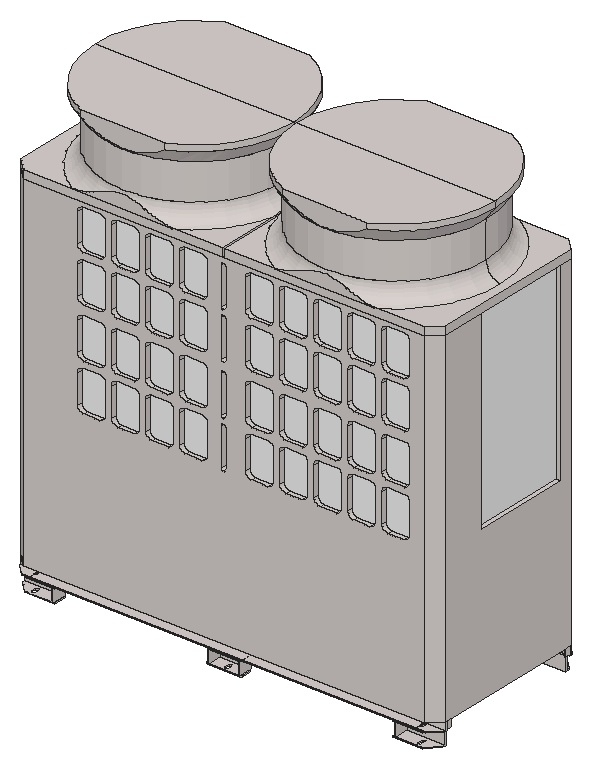
Revit family "PURY-EP500YNW-A1", category 機械設備, Revit 2016
Family settings
  パーツ タイプ = 標準
  丸型コネクタ寸法 = 半径を使用
  OmniClass 番号 = 23.75.00.00
  OmniClass タイトル = Climate Control (HVAC)
  作業面に基づく = いいえ
  常に垂直 = はい
  ロード時にボイドで切り取り = いいえ
  共有 = いいえ
  部屋の計算ポイント = いいえ
Parameters (values of type "PURY-EP500YNW-A1_415V_60Hz")
  モデル = "PURY-EP500YNW-A1"
  Width = 1750.000 mm
  WarrantyStart = ""
  Voltage = 415 V
  Unit Weight (kg) = 346
  URL = "http://www.mitsubishielectric.com/"
  製造元 = "Mitsubishi Electric Corporation"
  Temp. range of heating (Outdoor temp.) (W.B.) = "-20.0 to 15.5"
  Temp. range of heating (Indoor temp.) (D.B.) = "15.0 to 27.0"
  Temp. range of cooling (Outdoor temp.) (D.B.) = "-5.0 to 52.0"
  Temp. range of cooling (Indoor temp.) (W.B.) = "15.0 to 24.0"
  TagNumber = 0
  Subcategory = "HVAC"
  Space View = yes
  Sound Pressure Level (dB(A)) Heating mode = 64.5
  Sound Pressure Level (dB(A)) Cooling mode = 63.5
  SerialNumber = 0
  ReplacementYear = "0"
  Refrigerant type = "R410A"
  Refrigerant Charge (kg) = 10.8
  Protection Devices_Inverter circuit (COMP./FAN) = "Over-current protection"
  Protection Devices_High pressure (MPa) = "High pressure sensor, High pressure switch at 4.15"
  Phase = 3
  Outdoor unit Breaker size (A) = 60
  Note_1 = "Refrigerant pipe diameters may change depending on the installation condition. Please refer to the installation manual."
  Maximum Circuit Ampacity (A) = 40.3
  Low pressure pipe_radius = 14.290 mm
  InstallationDate = "0"
  Indoor Unit Total Capacity = "50 to 150% of outdoor unit capacity"
  Indoor Unit Model/Quantity = "P10 to P250/1 to 50"
  High pressure pipe_radius = 11.100 mm
  Hertz = 60 Hz
  Height = 1858.000 mm
  Heating SCOP (kW/kW) = 4.09
  Heating Rated Load Ampacity (A) = 26.8
  Heating Power Input (kW) = 17.35
  Heating Power Input (Nominal) (kW) = 14.35
  Heating Current Input (Nominal) (A) = 22.1
  Heating Current Input (A) = 26.8
  Heating Capacity (kW) = 63
  Heating Capacity (Nominal) (kW) = 56
  Heating COP (kW/kW) = 3.63
  Heating COP (Nominal) (kW/kW) = 3.9
  Fan_Type = "Propeller Fan"
  Fan_Quantity = 2
  Fan Motor Output (kW) = 1.84
  External static pressure (Pa) = 0
  External Finish = "Pre-coated galvanized steel sheets (+powder coating for -BS type) <MUNSELL 5Y 8/1 or similar>"
  Equip_description = ""
  Equip_No. = 0
  Equip_ID = ""
  Description = ""
  Depth = 740.000 mm
  CreatedOn = ""
  CreatedBy = ""
  Cooling SEER (kW/kW) = 6.47
  Cooling Rated Load Ampacity (A) = 28
  Cooling Power Input (kW) = 18.12
  Cooling EER (kW/kW) = 3.09
  Cooling Current Input (A) = 28
  Cooling Capacity (kW) = 56
  Compressor_Type = "Inverter scroll hermetic compressor"
  Compressor_Quantity = 1
  Compressor_Lubricant = "MEL32"
  Compressor Motor Output (kW) = "13.8"
  Category = "0"
  Barcode = "0"
  AssetIdentifier = "0"
  Airflow Rate (m3/min) = 295
  Airflow Rate (m3/h) = 17700
Reference planes
  plane 1 "Center (Front/Back)": y = 0
  plane 2: z = 0
  plane 3 "Center (Left/Right)": x = 0
  plane 4 "panel_L": x = -875
  plane 5: y = 370
  plane 6 "front": y = -370
  plane 7: x = 875
  plane 8: x = -798
  plane 9: x = 798
  plane 10: x = 850
  plane 11: x = -190
  plane 12: x = -107
  plane 13: y = -185
  plane 14: z = 1858
Forms (mm)
  Extrusion 1, solid, material "Paint_5Y 8/1"
    sketch origin (0, 0, 113) x (-1, 0, 0) y (0, -1, 0)
      loop
        line (825, -370) -> (875, -320) -> (875, 320) -> (825, 370) -> (-825, 370) -> (-875, 320) -> (-875, -320) -> (-825, -370) -> (825, -370)
    from -18 to 1408
  Extrusion 2, void
    sketch origin (802, -370, 113) x (1, 0, 0) y (0, 0, -1)
      loop
        arc (-60.8, -1393.5) -> (-42.557, -1385.943) -> (-35, -1367.7) r 25.8
        line (-35, -1367.7) -> (-35, -1248.5)
        arc (-35, -1248.5) -> (-42.557, -1230.257) -> (-60.8, -1222.7) r 25.8
        line (-60.8, -1222.7) -> (-126, -1222.7)
        arc (-126, -1222.7) -> (-144.243, -1230.257) -> (-151.8, -1248.5) r 25.8
        line (-151.8, -1248.5) -> (-151.8, -1367.7)
        arc (-151.8, -1367.7) -> (-144.243, -1385.943) -> (-126, -1393.5) r 25.8
        line (-126, -1393.5) -> (-60.8, -1393.5)
    from 0 to 20
  Extrusion 3, void
    sketch origin (802, -370, -81) x (1, 0, 0) y (0, 0, -1)
      loop
        arc (-60.8, -1393.5) -> (-42.557, -1385.943) -> (-35, -1367.7) r 25.8
        line (-35, -1367.7) -> (-35, -1248.5)
        arc (-35, -1248.5) -> (-42.557, -1230.257) -> (-60.8, -1222.7) r 25.8
        line (-60.8, -1222.7) -> (-126, -1222.7)
        arc (-126, -1222.7) -> (-144.243, -1230.257) -> (-151.8, -1248.5) r 25.8
        line (-151.8, -1248.5) -> (-151.8, -1367.7)
        arc (-151.8, -1367.7) -> (-144.243, -1385.943) -> (-126, -1393.5) r 25.8
        line (-126, -1393.5) -> (-60.8, -1393.5)
    from 0 to 20
  Extrusion 4, void
    sketch origin (802, -370, -287) x (1, 0, 0) y (0, 0, -1)
      loop
        arc (-60.8, -1393.5) -> (-42.557, -1385.943) -> (-35, -1367.7) r 25.8
        line (-35, -1367.7) -> (-35, -1248.5)
        arc (-35, -1248.5) -> (-42.557, -1230.257) -> (-60.8, -1222.7) r 25.8
        line (-60.8, -1222.7) -> (-126, -1222.7)
        arc (-126, -1222.7) -> (-144.243, -1230.257) -> (-151.8, -1248.5) r 25.8
        line (-151.8, -1248.5) -> (-151.8, -1367.7)
        arc (-151.8, -1367.7) -> (-144.243, -1385.943) -> (-126, -1393.5) r 25.8
        line (-126, -1393.5) -> (-60.8, -1393.5)
    from 0 to 20
  Extrusion 5, void
    sketch origin (802, -370, -481) x (1, 0, 0) y (0, 0, -1)
      loop
        arc (-60.8, -1393.5) -> (-42.557, -1385.943) -> (-35, -1367.7) r 25.8
        line (-35, -1367.7) -> (-35, -1248.5)
        arc (-35, -1248.5) -> (-42.557, -1230.257) -> (-60.8, -1222.7) r 25.8
        line (-60.8, -1222.7) -> (-126, -1222.7)
        arc (-126, -1222.7) -> (-144.243, -1230.257) -> (-151.8, -1248.5) r 25.8
        line (-151.8, -1248.5) -> (-151.8, -1367.7)
        arc (-151.8, -1367.7) -> (-144.243, -1385.943) -> (-126, -1393.5) r 25.8
        line (-126, -1393.5) -> (-60.8, -1393.5)
    from 0 to 20
  Extrusion 6, void
    sketch origin (662, -370, 113) x (1, 0, 0) y (0, 0, -1)
      loop
        arc (-60.8, -1393.5) -> (-42.557, -1385.943) -> (-35, -1367.7) r 25.8
        line (-35, -1367.7) -> (-35, -1248.5)
        arc (-35, -1248.5) -> (-42.557, -1230.257) -> (-60.8, -1222.7) r 25.8
        line (-60.8, -1222.7) -> (-126, -1222.7)
        arc (-126, -1222.7) -> (-144.243, -1230.257) -> (-151.8, -1248.5) r 25.8
        line (-151.8, -1248.5) -> (-151.8, -1367.7)
        arc (-151.8, -1367.7) -> (-144.243, -1385.943) -> (-126, -1393.5) r 25.8
        line (-126, -1393.5) -> (-60.8, -1393.5)
    from 0 to 20
  Extrusion 7, void
    sketch origin (662, -370, -81) x (1, 0, 0) y (0, 0, -1)
      loop
        arc (-60.8, -1393.5) -> (-42.557, -1385.943) -> (-35, -1367.7) r 25.8
        line (-35, -1367.7) -> (-35, -1248.5)
        arc (-35, -1248.5) -> (-42.557, -1230.257) -> (-60.8, -1222.7) r 25.8
        line (-60.8, -1222.7) -> (-126, -1222.7)
        arc (-126, -1222.7) -> (-144.243, -1230.257) -> (-151.8, -1248.5) r 25.8
        line (-151.8, -1248.5) -> (-151.8, -1367.7)
        arc (-151.8, -1367.7) -> (-144.243, -1385.943) -> (-126, -1393.5) r 25.8
        line (-126, -1393.5) -> (-60.8, -1393.5)
    from 0 to 20
  Extrusion 8, void
    sketch origin (662, -370, -287) x (1, 0, 0) y (0, 0, -1)
      loop
        arc (-60.8, -1393.5) -> (-42.557, -1385.943) -> (-35, -1367.7) r 25.8
        line (-35, -1367.7) -> (-35, -1248.5)
        arc (-35, -1248.5) -> (-42.557, -1230.257) -> (-60.8, -1222.7) r 25.8
        line (-60.8, -1222.7) -> (-126, -1222.7)
        arc (-126, -1222.7) -> (-144.243, -1230.257) -> (-151.8, -1248.5) r 25.8
        line (-151.8, -1248.5) -> (-151.8, -1367.7)
        arc (-151.8, -1367.7) -> (-144.243, -1385.943) -> (-126, -1393.5) r 25.8
        line (-126, -1393.5) -> (-60.8, -1393.5)
    from 0 to 20
  Extrusion 9, void
    sketch origin (662, -370, -481) x (1, 0, 0) y (0, 0, -1)
      loop
        arc (-60.8, -1393.5) -> (-42.557, -1385.943) -> (-35, -1367.7) r 25.8
        line (-35, -1367.7) -> (-35, -1248.5)
        arc (-35, -1248.5) -> (-42.557, -1230.257) -> (-60.8, -1222.7) r 25.8
        line (-60.8, -1222.7) -> (-126, -1222.7)
        arc (-126, -1222.7) -> (-144.243, -1230.257) -> (-151.8, -1248.5) r 25.8
        line (-151.8, -1248.5) -> (-151.8, -1367.7)
        arc (-151.8, -1367.7) -> (-144.243, -1385.943) -> (-126, -1393.5) r 25.8
        line (-126, -1393.5) -> (-60.8, -1393.5)
    from 0 to 20
  Extrusion 10, void
    sketch origin (522, -370, 113) x (1, 0, 0) y (0, 0, -1)
      loop
        arc (-60.8, -1393.5) -> (-42.557, -1385.943) -> (-35, -1367.7) r 25.8
        line (-35, -1367.7) -> (-35, -1248.5)
        arc (-35, -1248.5) -> (-42.557, -1230.257) -> (-60.8, -1222.7) r 25.8
        line (-60.8, -1222.7) -> (-126, -1222.7)
        arc (-126, -1222.7) -> (-144.243, -1230.257) -> (-151.8, -1248.5) r 25.8
        line (-151.8, -1248.5) -> (-151.8, -1367.7)
        arc (-151.8, -1367.7) -> (-144.243, -1385.943) -> (-126, -1393.5) r 25.8
        line (-126, -1393.5) -> (-60.8, -1393.5)
    from 0 to 20
  Extrusion 11, void
    sketch origin (522, -370, -81) x (1, 0, 0) y (0, 0, -1)
      loop
        arc (-60.8, -1393.5) -> (-42.557, -1385.943) -> (-35, -1367.7) r 25.8
        line (-35, -1367.7) -> (-35, -1248.5)
        arc (-35, -1248.5) -> (-42.557, -1230.257) -> (-60.8, -1222.7) r 25.8
        line (-60.8, -1222.7) -> (-126, -1222.7)
        arc (-126, -1222.7) -> (-144.243, -1230.257) -> (-151.8, -1248.5) r 25.8
        line (-151.8, -1248.5) -> (-151.8, -1367.7)
        arc (-151.8, -1367.7) -> (-144.243, -1385.943) -> (-126, -1393.5) r 25.8
        line (-126, -1393.5) -> (-60.8, -1393.5)
    from 0 to 20
  Extrusion 12, void
    sketch origin (522, -370, -287) x (1, 0, 0) y (0, 0, -1)
      loop
        arc (-60.8, -1393.5) -> (-42.557, -1385.943) -> (-35, -1367.7) r 25.8
        line (-35, -1367.7) -> (-35, -1248.5)
        arc (-35, -1248.5) -> (-42.557, -1230.257) -> (-60.8, -1222.7) r 25.8
        line (-60.8, -1222.7) -> (-126, -1222.7)
        arc (-126, -1222.7) -> (-144.243, -1230.257) -> (-151.8, -1248.5) r 25.8
        line (-151.8, -1248.5) -> (-151.8, -1367.7)
        arc (-151.8, -1367.7) -> (-144.243, -1385.943) -> (-126, -1393.5) r 25.8
        line (-126, -1393.5) -> (-60.8, -1393.5)
    from 0 to 20
  Extrusion 13, void
    sketch origin (522, -370, -481) x (1, 0, 0) y (0, 0, -1)
      loop
        arc (-60.8, -1393.5) -> (-42.557, -1385.943) -> (-35, -1367.7) r 25.8
        line (-35, -1367.7) -> (-35, -1248.5)
        arc (-35, -1248.5) -> (-42.557, -1230.257) -> (-60.8, -1222.7) r 25.8
        line (-60.8, -1222.7) -> (-126, -1222.7)
        arc (-126, -1222.7) -> (-144.243, -1230.257) -> (-151.8, -1248.5) r 25.8
        line (-151.8, -1248.5) -> (-151.8, -1367.7)
        arc (-151.8, -1367.7) -> (-144.243, -1385.943) -> (-126, -1393.5) r 25.8
        line (-126, -1393.5) -> (-60.8, -1393.5)
    from 0 to 20
  Extrusion 14, void
    sketch origin (382, -370, 113) x (1, 0, 0) y (0, 0, -1)
      loop
        arc (-60.8, -1393.5) -> (-42.557, -1385.943) -> (-35, -1367.7) r 25.8
        line (-35, -1367.7) -> (-35, -1248.5)
        arc (-35, -1248.5) -> (-42.557, -1230.257) -> (-60.8, -1222.7) r 25.8
        line (-60.8, -1222.7) -> (-126, -1222.7)
        arc (-126, -1222.7) -> (-144.243, -1230.257) -> (-151.8, -1248.5) r 25.8
        line (-151.8, -1248.5) -> (-151.8, -1367.7)
        arc (-151.8, -1367.7) -> (-144.243, -1385.943) -> (-126, -1393.5) r 25.8
        line (-126, -1393.5) -> (-60.8, -1393.5)
    from 0 to 20
  Extrusion 15, void
    sketch origin (382, -370, -81) x (1, 0, 0) y (0, 0, -1)
      loop
        arc (-60.8, -1393.5) -> (-42.557, -1385.943) -> (-35, -1367.7) r 25.8
        line (-35, -1367.7) -> (-35, -1248.5)
        arc (-35, -1248.5) -> (-42.557, -1230.257) -> (-60.8, -1222.7) r 25.8
        line (-60.8, -1222.7) -> (-126, -1222.7)
        arc (-126, -1222.7) -> (-144.243, -1230.257) -> (-151.8, -1248.5) r 25.8
        line (-151.8, -1248.5) -> (-151.8, -1367.7)
        arc (-151.8, -1367.7) -> (-144.243, -1385.943) -> (-126, -1393.5) r 25.8
        line (-126, -1393.5) -> (-60.8, -1393.5)
    from 0 to 20
  Extrusion 16, void
    sketch origin (382, -370, -287) x (1, 0, 0) y (0, 0, -1)
      loop
        arc (-60.8, -1393.5) -> (-42.557, -1385.943) -> (-35, -1367.7) r 25.8
        line (-35, -1367.7) -> (-35, -1248.5)
        arc (-35, -1248.5) -> (-42.557, -1230.257) -> (-60.8, -1222.7) r 25.8
        line (-60.8, -1222.7) -> (-126, -1222.7)
        arc (-126, -1222.7) -> (-144.243, -1230.257) -> (-151.8, -1248.5) r 25.8
        line (-151.8, -1248.5) -> (-151.8, -1367.7)
        arc (-151.8, -1367.7) -> (-144.243, -1385.943) -> (-126, -1393.5) r 25.8
        line (-126, -1393.5) -> (-60.8, -1393.5)
    from 0 to 20
  Extrusion 17, void
    sketch origin (382, -370, -481) x (1, 0, 0) y (0, 0, -1)
      loop
        arc (-60.8, -1393.5) -> (-42.557, -1385.943) -> (-35, -1367.7) r 25.8
        line (-35, -1367.7) -> (-35, -1248.5)
        arc (-35, -1248.5) -> (-42.557, -1230.257) -> (-60.8, -1222.7) r 25.8
        line (-60.8, -1222.7) -> (-126, -1222.7)
        arc (-126, -1222.7) -> (-144.243, -1230.257) -> (-151.8, -1248.5) r 25.8
        line (-151.8, -1248.5) -> (-151.8, -1367.7)
        arc (-151.8, -1367.7) -> (-144.243, -1385.943) -> (-126, -1393.5) r 25.8
        line (-126, -1393.5) -> (-60.8, -1393.5)
    from 0 to 20
  Extrusion 18, void
    sketch origin (242, -370, 113) x (1, 0, 0) y (0, 0, -1)
      loop
        arc (-60.8, -1393.5) -> (-42.557, -1385.943) -> (-35, -1367.7) r 25.8
        line (-35, -1367.7) -> (-35, -1248.5)
        arc (-35, -1248.5) -> (-42.557, -1230.257) -> (-60.8, -1222.7) r 25.8
        line (-60.8, -1222.7) -> (-126, -1222.7)
        arc (-126, -1222.7) -> (-144.243, -1230.257) -> (-151.8, -1248.5) r 25.8
        line (-151.8, -1248.5) -> (-151.8, -1367.7)
        arc (-151.8, -1367.7) -> (-144.243, -1385.943) -> (-126, -1393.5) r 25.8
        line (-126, -1393.5) -> (-60.8, -1393.5)
    from 0 to 20
  Extrusion 19, void
    sketch origin (242, -370, -81) x (1, 0, 0) y (0, 0, -1)
      loop
        arc (-60.8, -1393.5) -> (-42.557, -1385.943) -> (-35, -1367.7) r 25.8
        line (-35, -1367.7) -> (-35, -1248.5)
        arc (-35, -1248.5) -> (-42.557, -1230.257) -> (-60.8, -1222.7) r 25.8
        line (-60.8, -1222.7) -> (-126, -1222.7)
        arc (-126, -1222.7) -> (-144.243, -1230.257) -> (-151.8, -1248.5) r 25.8
        line (-151.8, -1248.5) -> (-151.8, -1367.7)
        arc (-151.8, -1367.7) -> (-144.243, -1385.943) -> (-126, -1393.5) r 25.8
        line (-126, -1393.5) -> (-60.8, -1393.5)
    from 0 to 20
  Extrusion 20, void
    sketch origin (242, -370, -287) x (1, 0, 0) y (0, 0, -1)
      loop
        arc (-60.8, -1393.5) -> (-42.557, -1385.943) -> (-35, -1367.7) r 25.8
        line (-35, -1367.7) -> (-35, -1248.5)
        arc (-35, -1248.5) -> (-42.557, -1230.257) -> (-60.8, -1222.7) r 25.8
        line (-60.8, -1222.7) -> (-126, -1222.7)
        arc (-126, -1222.7) -> (-144.243, -1230.257) -> (-151.8, -1248.5) r 25.8
        line (-151.8, -1248.5) -> (-151.8, -1367.7)
        arc (-151.8, -1367.7) -> (-144.243, -1385.943) -> (-126, -1393.5) r 25.8
        line (-126, -1393.5) -> (-60.8, -1393.5)
    from 0 to 20
  Extrusion 21, void
    sketch origin (242, -370, -481) x (1, 0, 0) y (0, 0, -1)
      loop
        arc (-60.8, -1393.5) -> (-42.557, -1385.943) -> (-35, -1367.7) r 25.8
        line (-35, -1367.7) -> (-35, -1248.5)
        arc (-35, -1248.5) -> (-42.557, -1230.257) -> (-60.8, -1222.7) r 25.8
        line (-60.8, -1222.7) -> (-126, -1222.7)
        arc (-126, -1222.7) -> (-144.243, -1230.257) -> (-151.8, -1248.5) r 25.8
        line (-151.8, -1248.5) -> (-151.8, -1367.7)
        arc (-151.8, -1367.7) -> (-144.243, -1385.943) -> (-126, -1393.5) r 25.8
        line (-126, -1393.5) -> (-60.8, -1393.5)
    from 0 to 20
  Extrusion 22, void
    sketch origin (-30, -370, 113) x (1, 0, 0) y (0, 0, -1)
      loop
        arc (-60.8, -1393.5) -> (-42.557, -1385.943) -> (-35, -1367.7) r 25.8
        line (-35, -1367.7) -> (-35, -1248.5)
        arc (-35, -1248.5) -> (-42.557, -1230.257) -> (-60.8, -1222.7) r 25.8
        line (-60.8, -1222.7) -> (-126, -1222.7)
        arc (-126, -1222.7) -> (-144.243, -1230.257) -> (-151.8, -1248.5) r 25.8
        line (-151.8, -1248.5) -> (-151.8, -1367.7)
        arc (-151.8, -1367.7) -> (-144.243, -1385.943) -> (-126, -1393.5) r 25.8
        line (-126, -1393.5) -> (-60.8, -1393.5)
    from 0 to 20
  Extrusion 23, void
    sketch origin (-30, -370, -81) x (1, 0, 0) y (0, 0, -1)
      loop
        arc (-60.8, -1393.5) -> (-42.557, -1385.943) -> (-35, -1367.7) r 25.8
        line (-35, -1367.7) -> (-35, -1248.5)
        arc (-35, -1248.5) -> (-42.557, -1230.257) -> (-60.8, -1222.7) r 25.8
        line (-60.8, -1222.7) -> (-126, -1222.7)
        arc (-126, -1222.7) -> (-144.243, -1230.257) -> (-151.8, -1248.5) r 25.8
        line (-151.8, -1248.5) -> (-151.8, -1367.7)
        arc (-151.8, -1367.7) -> (-144.243, -1385.943) -> (-126, -1393.5) r 25.8
        line (-126, -1393.5) -> (-60.8, -1393.5)
    from 0 to 20
  Extrusion 24, void
    sketch origin (-30, -370, -287) x (1, 0, 0) y (0, 0, -1)
      loop
        arc (-60.8, -1393.5) -> (-42.557, -1385.943) -> (-35, -1367.7) r 25.8
        line (-35, -1367.7) -> (-35, -1248.5)
        arc (-35, -1248.5) -> (-42.557, -1230.257) -> (-60.8, -1222.7) r 25.8
        line (-60.8, -1222.7) -> (-126, -1222.7)
        arc (-126, -1222.7) -> (-144.243, -1230.257) -> (-151.8, -1248.5) r 25.8
        line (-151.8, -1248.5) -> (-151.8, -1367.7)
        arc (-151.8, -1367.7) -> (-144.243, -1385.943) -> (-126, -1393.5) r 25.8
        line (-126, -1393.5) -> (-60.8, -1393.5)
    from 0 to 20
  Extrusion 25, void
    sketch origin (-30, -370, -481) x (1, 0, 0) y (0, 0, -1)
      loop
        arc (-60.8, -1393.5) -> (-42.557, -1385.943) -> (-35, -1367.7) r 25.8
        line (-35, -1367.7) -> (-35, -1248.5)
        arc (-35, -1248.5) -> (-42.557, -1230.257) -> (-60.8, -1222.7) r 25.8
        line (-60.8, -1222.7) -> (-126, -1222.7)
        arc (-126, -1222.7) -> (-144.243, -1230.257) -> (-151.8, -1248.5) r 25.8
        line (-151.8, -1248.5) -> (-151.8, -1367.7)
        arc (-151.8, -1367.7) -> (-144.243, -1385.943) -> (-126, -1393.5) r 25.8
        line (-126, -1393.5) -> (-60.8, -1393.5)
    from 0 to 20
  Extrusion 26, void
    sketch origin (-170, -370, 113) x (1, 0, 0) y (0, 0, -1)
      loop
        arc (-60.8, -1393.5) -> (-42.557, -1385.943) -> (-35, -1367.7) r 25.8
        line (-35, -1367.7) -> (-35, -1248.5)
        arc (-35, -1248.5) -> (-42.557, -1230.257) -> (-60.8, -1222.7) r 25.8
        line (-60.8, -1222.7) -> (-126, -1222.7)
        arc (-126, -1222.7) -> (-144.243, -1230.257) -> (-151.8, -1248.5) r 25.8
        line (-151.8, -1248.5) -> (-151.8, -1367.7)
        arc (-151.8, -1367.7) -> (-144.243, -1385.943) -> (-126, -1393.5) r 25.8
        line (-126, -1393.5) -> (-60.8, -1393.5)
    from 0 to 20
  Extrusion 27, void
    sketch origin (-170, -370, -81) x (1, 0, 0) y (0, 0, -1)
      loop
        arc (-60.8, -1393.5) -> (-42.557, -1385.943) -> (-35, -1367.7) r 25.8
        line (-35, -1367.7) -> (-35, -1248.5)
        arc (-35, -1248.5) -> (-42.557, -1230.257) -> (-60.8, -1222.7) r 25.8
        line (-60.8, -1222.7) -> (-126, -1222.7)
        arc (-126, -1222.7) -> (-144.243, -1230.257) -> (-151.8, -1248.5) r 25.8
        line (-151.8, -1248.5) -> (-151.8, -1367.7)
        arc (-151.8, -1367.7) -> (-144.243, -1385.943) -> (-126, -1393.5) r 25.8
        line (-126, -1393.5) -> (-60.8, -1393.5)
    from 0 to 20
  Extrusion 28, void
    sketch origin (-170, -370, -287) x (1, 0, 0) y (0, 0, -1)
      loop
        arc (-60.8, -1393.5) -> (-42.557, -1385.943) -> (-35, -1367.7) r 25.8
        line (-35, -1367.7) -> (-35, -1248.5)
        arc (-35, -1248.5) -> (-42.557, -1230.257) -> (-60.8, -1222.7) r 25.8
        line (-60.8, -1222.7) -> (-126, -1222.7)
        arc (-126, -1222.7) -> (-144.243, -1230.257) -> (-151.8, -1248.5) r 25.8
        line (-151.8, -1248.5) -> (-151.8, -1367.7)
        arc (-151.8, -1367.7) -> (-144.243, -1385.943) -> (-126, -1393.5) r 25.8
        line (-126, -1393.5) -> (-60.8, -1393.5)
    from 0 to 20
  Extrusion 29, void
    sketch origin (-170, -370, -481) x (1, 0, 0) y (0, 0, -1)
      loop
        arc (-60.8, -1393.5) -> (-42.557, -1385.943) -> (-35, -1367.7) r 25.8
        line (-35, -1367.7) -> (-35, -1248.5)
        arc (-35, -1248.5) -> (-42.557, -1230.257) -> (-60.8, -1222.7) r 25.8
        line (-60.8, -1222.7) -> (-126, -1222.7)
        arc (-126, -1222.7) -> (-144.243, -1230.257) -> (-151.8, -1248.5) r 25.8
        line (-151.8, -1248.5) -> (-151.8, -1367.7)
        arc (-151.8, -1367.7) -> (-144.243, -1385.943) -> (-126, -1393.5) r 25.8
        line (-126, -1393.5) -> (-60.8, -1393.5)
    from 0 to 20
  Extrusion 30, void
    sketch origin (-310, -370, 113) x (1, 0, 0) y (0, 0, -1)
      loop
        arc (-60.8, -1393.5) -> (-42.557, -1385.943) -> (-35, -1367.7) r 25.8
        line (-35, -1367.7) -> (-35, -1248.5)
        arc (-35, -1248.5) -> (-42.557, -1230.257) -> (-60.8, -1222.7) r 25.8
        line (-60.8, -1222.7) -> (-126, -1222.7)
        arc (-126, -1222.7) -> (-144.243, -1230.257) -> (-151.8, -1248.5) r 25.8
        line (-151.8, -1248.5) -> (-151.8, -1367.7)
        arc (-151.8, -1367.7) -> (-144.243, -1385.943) -> (-126, -1393.5) r 25.8
        line (-126, -1393.5) -> (-60.8, -1393.5)
    from 0 to 20
  Extrusion 31, void
    sketch origin (-310, -370, -81) x (1, 0, 0) y (0, 0, -1)
      loop
        arc (-60.8, -1393.5) -> (-42.557, -1385.943) -> (-35, -1367.7) r 25.8
        line (-35, -1367.7) -> (-35, -1248.5)
        arc (-35, -1248.5) -> (-42.557, -1230.257) -> (-60.8, -1222.7) r 25.8
        line (-60.8, -1222.7) -> (-126, -1222.7)
        arc (-126, -1222.7) -> (-144.243, -1230.257) -> (-151.8, -1248.5) r 25.8
        line (-151.8, -1248.5) -> (-151.8, -1367.7)
        arc (-151.8, -1367.7) -> (-144.243, -1385.943) -> (-126, -1393.5) r 25.8
        line (-126, -1393.5) -> (-60.8, -1393.5)
    from 0 to 20
  Extrusion 32, void
    sketch origin (-310, -370, -287) x (1, 0, 0) y (0, 0, -1)
      loop
        arc (-60.8, -1393.5) -> (-42.557, -1385.943) -> (-35, -1367.7) r 25.8
        line (-35, -1367.7) -> (-35, -1248.5)
        arc (-35, -1248.5) -> (-42.557, -1230.257) -> (-60.8, -1222.7) r 25.8
        line (-60.8, -1222.7) -> (-126, -1222.7)
        arc (-126, -1222.7) -> (-144.243, -1230.257) -> (-151.8, -1248.5) r 25.8
        line (-151.8, -1248.5) -> (-151.8, -1367.7)
        arc (-151.8, -1367.7) -> (-144.243, -1385.943) -> (-126, -1393.5) r 25.8
        line (-126, -1393.5) -> (-60.8, -1393.5)
    from 0 to 20
  Extrusion 33, void
    sketch origin (-310, -370, -481) x (1, 0, 0) y (0, 0, -1)
      loop
        arc (-60.8, -1393.5) -> (-42.557, -1385.943) -> (-35, -1367.7) r 25.8
        line (-35, -1367.7) -> (-35, -1248.5)
        arc (-35, -1248.5) -> (-42.557, -1230.257) -> (-60.8, -1222.7) r 25.8
        line (-60.8, -1222.7) -> (-126, -1222.7)
        arc (-126, -1222.7) -> (-144.243, -1230.257) -> (-151.8, -1248.5) r 25.8
        line (-151.8, -1248.5) -> (-151.8, -1367.7)
        arc (-151.8, -1367.7) -> (-144.243, -1385.943) -> (-126, -1393.5) r 25.8
        line (-126, -1393.5) -> (-60.8, -1393.5)
    from 0 to 20
  Extrusion 34, void
    sketch origin (-450, -370, 113) x (1, 0, 0) y (0, 0, -1)
      loop
        arc (-60.8, -1393.5) -> (-42.557, -1385.943) -> (-35, -1367.7) r 25.8
        line (-35, -1367.7) -> (-35, -1248.5)
        arc (-35, -1248.5) -> (-42.557, -1230.257) -> (-60.8, -1222.7) r 25.8
        line (-60.8, -1222.7) -> (-126, -1222.7)
        arc (-126, -1222.7) -> (-144.243, -1230.257) -> (-151.8, -1248.5) r 25.8
        line (-151.8, -1248.5) -> (-151.8, -1367.7)
        arc (-151.8, -1367.7) -> (-144.243, -1385.943) -> (-126, -1393.5) r 25.8
        line (-126, -1393.5) -> (-60.8, -1393.5)
    from 0 to 20
  Extrusion 35, void
    sketch origin (-450, -370, -81) x (1, 0, 0) y (0, 0, -1)
      loop
        arc (-60.8, -1393.5) -> (-42.557, -1385.943) -> (-35, -1367.7) r 25.8
        line (-35, -1367.7) -> (-35, -1248.5)
        arc (-35, -1248.5) -> (-42.557, -1230.257) -> (-60.8, -1222.7) r 25.8
        line (-60.8, -1222.7) -> (-126, -1222.7)
        arc (-126, -1222.7) -> (-144.243, -1230.257) -> (-151.8, -1248.5) r 25.8
        line (-151.8, -1248.5) -> (-151.8, -1367.7)
        arc (-151.8, -1367.7) -> (-144.243, -1385.943) -> (-126, -1393.5) r 25.8
        line (-126, -1393.5) -> (-60.8, -1393.5)
    from 0 to 20
  Extrusion 36, void
    sketch origin (-450, -370, -287) x (1, 0, 0) y (0, 0, -1)
      loop
        arc (-60.8, -1393.5) -> (-42.557, -1385.943) -> (-35, -1367.7) r 25.8
        line (-35, -1367.7) -> (-35, -1248.5)
        arc (-35, -1248.5) -> (-42.557, -1230.257) -> (-60.8, -1222.7) r 25.8
        line (-60.8, -1222.7) -> (-126, -1222.7)
        arc (-126, -1222.7) -> (-144.243, -1230.257) -> (-151.8, -1248.5) r 25.8
        line (-151.8, -1248.5) -> (-151.8, -1367.7)
        arc (-151.8, -1367.7) -> (-144.243, -1385.943) -> (-126, -1393.5) r 25.8
        line (-126, -1393.5) -> (-60.8, -1393.5)
    from 0 to 20
  Extrusion 37, void
    sketch origin (-450, -370, -481) x (1, 0, 0) y (0, 0, -1)
      loop
        arc (-60.8, -1393.5) -> (-42.557, -1385.943) -> (-35, -1367.7) r 25.8
        line (-35, -1367.7) -> (-35, -1248.5)
        arc (-35, -1248.5) -> (-42.557, -1230.257) -> (-60.8, -1222.7) r 25.8
        line (-60.8, -1222.7) -> (-126, -1222.7)
        arc (-126, -1222.7) -> (-144.243, -1230.257) -> (-151.8, -1248.5) r 25.8
        line (-151.8, -1248.5) -> (-151.8, -1367.7)
        arc (-151.8, -1367.7) -> (-144.243, -1385.943) -> (-126, -1393.5) r 25.8
        line (-126, -1393.5) -> (-60.8, -1393.5)
    from 0 to 20
  Extrusion 38, void
    sketch origin (825, -370, 113) x (1, 0, 0) y (0, 0, -1)
      loop
        line (-834.892, -1225.013) -> (-834.892, -1379.987)
        arc (-834.892, -1379.987) -> (-824.892, -1389.987) -> (-814.892, -1379.987) r 10
        line (-814.892, -1379.987) -> (-814.892, -1225.013)
        arc (-814.892, -1225.013) -> (-824.892, -1215.013) -> (-834.892, -1225.013) r 10
      loop
        line (-834.892, -1031.013) -> (-834.892, -1185.987)
        arc (-834.892, -1185.987) -> (-824.892, -1195.987) -> (-814.892, -1185.987) r 10
        line (-814.892, -1185.987) -> (-814.892, -1031.013)
        arc (-814.892, -1031.013) -> (-824.892, -1021.013) -> (-834.892, -1031.013) r 10
      loop
        line (-834.892, -825.013) -> (-834.892, -979.987)
        arc (-834.892, -979.987) -> (-824.892, -989.987) -> (-814.892, -979.987) r 10
        line (-814.892, -979.987) -> (-814.892, -825.013)
        arc (-814.892, -825.013) -> (-824.892, -815.013) -> (-834.892, -825.013) r 10
      loop
        line (-834.892, -631.013) -> (-834.892, -785.987)
        arc (-834.892, -785.987) -> (-824.892, -795.987) -> (-814.892, -785.987) r 10
        line (-814.892, -785.987) -> (-814.892, -631.013)
        arc (-814.892, -631.013) -> (-824.892, -621.013) -> (-834.892, -631.013) r 10
    from 0 to 20
  Extrusion 39, void
    sketch origin (875, 320, 113) x (0, 1, 0) y (0, 0, -1)
      loop
        line (-462.3, -1408) -> (-50.8, -1408) -> (-50.8, -612) -> (-462.3, -612) -> (-462.3, -1408)
    from 0 to 20
  Extrusion 40, void
    sketch origin (-875, -320, 113) x (0, -1, 0) y (0, 0, -1)
      loop
        line (-535.7, -1408) -> (-207.7, -1408) -> (-207.7, -592) -> (-535.7, -592) -> (-535.7, -1408)
    from 0 to 20
  Extrusion 41, void
    sketch origin (195, 370, 113) x (-1, 0, 0) y (0, 0, -1)
      loop
        arc (204.892, -1225.013) -> (194.892, -1215.013) -> (184.892, -1225.013) r 10
        line (184.892, -1225.013) -> (184.892, -1379.987)
        arc (184.892, -1379.987) -> (194.892, -1389.987) -> (204.892, -1379.987) r 10
        line (204.892, -1379.987) -> (204.892, -1225.013)
      loop
        arc (204.892, -1031.013) -> (194.892, -1021.013) -> (184.892, -1031.013) r 10
        line (184.892, -1031.013) -> (184.892, -1185.987)
        arc (184.892, -1185.987) -> (194.892, -1195.987) -> (204.892, -1185.987) r 10
        line (204.892, -1185.987) -> (204.892, -1031.013)
      loop
        arc (204.892, -825.013) -> (194.892, -815.013) -> (184.892, -825.013) r 10
        line (184.892, -825.013) -> (184.892, -979.987)
        arc (184.892, -979.987) -> (194.892, -989.987) -> (204.892, -979.987) r 10
        line (204.892, -979.987) -> (204.892, -825.013)
      loop
        arc (204.892, -631.013) -> (194.892, -621.013) -> (184.892, -631.013) r 10
        line (184.892, -631.013) -> (184.892, -785.987)
        arc (184.892, -785.987) -> (194.892, -795.987) -> (204.892, -785.987) r 10
        line (204.892, -785.987) -> (204.892, -631.013)
    from 0 to 20
  Extrusion 42, void
    sketch origin (-825, 370, 113) x (-1, 0, 0) y (0, 0, -1)
      loop
        line (-1603, -1408) -> (-875, -1408) -> (-875, -556) -> (-1603, -556) -> (-1603, -1408)
      loop
        line (-775, -1408) -> (-47, -1408) -> (-47, -556) -> (-775, -556) -> (-775, -1408)
    from 0 to 20
  Extrusion 43, void
    sketch origin (825, 370, 96) x (-0.707107, 0.707107, 0) y (0, 0, -1)
      loop
        line (-45.509, -1236) -> (-45.509, -1386)
        arc (-45.509, -1386) -> (-35.509, -1396) -> (-25.509, -1386) r 10
        line (-25.509, -1386) -> (-25.509, -1236)
        arc (-25.509, -1236) -> (-35.509, -1226) -> (-45.509, -1236) r 10
      loop
        line (-45.509, -1036) -> (-45.509, -1186)
        arc (-45.509, -1186) -> (-35.509, -1196) -> (-25.509, -1186) r 10
        line (-25.509, -1186) -> (-25.509, -1036)
        arc (-25.509, -1036) -> (-35.509, -1026) -> (-45.509, -1036) r 10
      loop
        line (-45.509, -836) -> (-45.509, -986)
        arc (-45.509, -986) -> (-35.509, -996) -> (-25.509, -986) r 10
        line (-25.509, -986) -> (-25.509, -836)
        arc (-25.509, -836) -> (-35.509, -826) -> (-45.509, -836) r 10
      loop
        line (-45.509, -643.5) -> (-45.509, -793.5)
        arc (-45.509, -793.5) -> (-35.509, -803.5) -> (-25.509, -793.5) r 10
        line (-25.509, -793.5) -> (-25.509, -643.5)
        arc (-25.509, -643.5) -> (-35.509, -633.5) -> (-45.509, -643.5) r 10
    from 0 to 20
  Extrusion 44, void
    sketch origin (-825, 370, 113) x (0.707107, 0.707107, 0) y (0, 0, 1)
      loop
        arc (-45.355, 1236) -> (-35.355, 1226) -> (-25.355, 1236) r 10
        line (-25.355, 1236) -> (-25.355, 1386)
        arc (-25.355, 1386) -> (-35.355, 1396) -> (-45.355, 1386) r 10
        line (-45.355, 1386) -> (-45.355, 1236)
      loop
        arc (-45.355, 1036) -> (-35.355, 1026) -> (-25.355, 1036) r 10
        line (-25.355, 1036) -> (-25.355, 1186)
        arc (-25.355, 1186) -> (-35.355, 1196) -> (-45.355, 1186) r 10
        line (-45.355, 1186) -> (-45.355, 1036)
      loop
        arc (-45.355, 836) -> (-35.355, 826) -> (-25.355, 836) r 10
        line (-25.355, 836) -> (-25.355, 986)
        arc (-25.355, 986) -> (-35.355, 996) -> (-45.355, 986) r 10
        line (-45.355, 986) -> (-45.355, 836)
      loop
        arc (-45.355, 641) -> (-35.355, 631) -> (-25.355, 641) r 10
        line (-25.355, 641) -> (-25.355, 791)
        arc (-25.355, 791) -> (-35.355, 801) -> (-45.355, 791) r 10
        line (-45.355, 791) -> (-45.355, 641)
    from 0 to 20
  Extrusion 45, void
    sketch origin (-875, -320, 113) x (0, -1, 0) y (0, 0, -1)
      loop
        line (-607.846, -1035.895) -> (-607.846, -1186.105)
        arc (-607.846, -1186.105) -> (-597.846, -1196.105) -> (-587.846, -1186.105) r 10
        line (-587.846, -1186.105) -> (-587.846, -1035.895)
        arc (-587.846, -1035.895) -> (-597.846, -1025.895) -> (-607.846, -1035.895) r 10
      loop
        line (-607.846, -835.895) -> (-607.846, -986.105)
        arc (-607.846, -986.105) -> (-597.846, -996.105) -> (-587.846, -986.105) r 10
        line (-587.846, -986.105) -> (-587.846, -835.895)
        arc (-587.846, -835.895) -> (-597.846, -825.895) -> (-607.846, -835.895) r 10
      loop
        line (-607.846, -1235.895) -> (-607.846, -1386.105)
        arc (-607.846, -1386.105) -> (-597.846, -1396.105) -> (-587.846, -1386.105) r 10
        line (-587.846, -1386.105) -> (-587.846, -1235.895)
        arc (-587.846, -1235.895) -> (-597.846, -1225.895) -> (-607.846, -1235.895) r 10
      loop
        line (-607.846, -635.895) -> (-607.846, -786.105)
        arc (-607.846, -786.105) -> (-597.846, -796.105) -> (-587.846, -786.105) r 10
        line (-587.846, -786.105) -> (-587.846, -635.895)
        arc (-587.846, -635.895) -> (-597.846, -625.895) -> (-607.846, -635.895) r 10
    from 0 to 20
  Extrusion 46, void
    sketch origin (-825, -185, 1200) x (1, 0, 0) y (0, 0, 1)
      loop
        circle (635, -1024) r 11.1
    from 0 to -108.2
  Extrusion 47, void
    sketch origin (-825, -185, 1200) x (1, 0, 0) y (0, 0, 1)
      loop
        circle (718, -1013) r 14.29
    from 0 to -108.2
Cuts and joins
  Extrusion 2, Extrusion 3, Extrusion 4, Extrusion 5, Extrusion 6, Extrusion 7, Extrusion 8, Extrusion 9, Extrusion 10, Extrusion 11, Extrusion 12, Extrusion 13, Extrusion 14, Extrusion 15, Extrusion 16, Extrusion 17, Extrusion 18, Extrusion 19, Extrusion 20, Extrusion 21, Extrusion 22, Extrusion 23, Extrusion 24, Extrusion 25, Extrusion 26, Extrusion 27, Extrusion 28, Extrusion 29, Extrusion 30, Extrusion 31, Extrusion 32, Extrusion 33, Extrusion 34, Extrusion 35, Extrusion 36, Extrusion 37, Extrusion 38, Extrusion 39, Extrusion 40, Extrusion 41, Extrusion 42, Extrusion 43, Extrusion 44, Extrusion 45, Extrusion 46, Extrusion 47 cuts Extrusion 1
Lines and regions (mm)
  model lines
    curve 1: line (-805, -370, 716) -> (-30, -370, 716)
    curve 2: line (-805, -370, 1521) -> (-805, -370, 95)
    curve 3: line (802, -370, 1521) -> (802, -370, 95)
    curve 4: line (-81, -291, 95) -> (-211, -291, 95)
    curve 5: line (-72, -206, 95) -> (-72, -282, 95)
    curve 6: line (-211, -197, 95) -> (-81, -197, 95)
    curve 7: line (-222, -280, 95) -> (-222, -208, 95)
    curve 8: arc (-222, -280, 95) -> (-218.778, -287.778, 95) -> (-211, -291, 95) r 11
    curve 9: arc (-81, -291, 95) -> (-74.636, -288.364, 95) -> (-72, -282, 95) r 9
    curve 10: arc (-72, -206, 95) -> (-74.636, -199.636, 95) -> (-81, -197, 95) r 9
    curve 11: arc (-211, -197, 95) -> (-218.778, -200.222, 95) -> (-222, -208, 95) r 11
    curve 12: line (-30, -370, 1521) -> (-30, -370, 95)
    curve 13: line (30, -370, 1521) -> (30, -370, 95)
    curve 14: line (30, -370, 716) -> (802, -370, 716)
    curve 15: line (-215, -370, 215) -> (-87, -370, 215)
    curve 16: line (-225, -370, 141) -> (-225, -370, 205)
    curve 17: line (-87, -370, 131) -> (-215, -370, 131)
    curve 18: line (-77, -370, 205) -> (-77, -370, 141)
    curve 19: arc (-215, -370, 215) -> (-222.071, -370, 212.071) -> (-225, -370, 205) r 10
    curve 20: arc (-225, -370, 141) -> (-222.071, -370, 133.929) -> (-215, -370, 131) r 10
    curve 21: arc (-87, -370, 131) -> (-79.929, -370, 133.929) -> (-77, -370, 141) r 10
    curve 22: arc (-77, -370, 205) -> (-79.929, -370, 212.071) -> (-87, -370, 215) r 10
    curve 23: circle (743, -370, 170) r 32.5 normal (0, -1, 0)
    curve 24: circle (743, -370, 170) r 20 normal (0, -1, 0)
    curve 25: circle (619, -370, 150) r 17 normal (0, -1, 0)
    curve 26: circle (668, -370, 185) r 26 normal (0, -1, 0)
    curve 27: circle (668, -370, 185) r 13.5 normal (0, -1, 0)
    curve 28: line (-243, -370, 235) -> (-243, -370, 95)
    curve 29: line (-30, -370, 245) -> (-233, -370, 245)
    curve 30: line (602, -370, 245) -> (802, -370, 245)
    curve 31: line (592, -370, 95) -> (592, -370, 235)
    curve 32: arc (602, -370, 245) -> (594.929, -370, 242.071) -> (592, -370, 235) r 10
    curve 33: line (-659, -370, 1521) -> (-659, -370, 716)
    curve 34: circle (723, -185, 95) r 26 normal (0, 0, 1)
    curve 35: circle (703, -260, 95) r 32.5 normal (0, 0, 1)
    curve 36: circle (659, -204, 95) r 17 normal (0, 0, 1)
    curve 37: line (875, -162.3, 1521) -> (875, -162.3, 95)
    curve 38: line (875, 289.2, 1521) -> (875, 289.2, 95)
    curve 39: line (875, -162.3, 705) -> (875, 289.2, 705)
    curve 40: line (875, -162.3, 725) -> (875, 289.2, 725)
    curve 41: line (875, -76.8, 583) -> (875, 203.2, 583)
    curve 42: line (875, 203.2, 563) -> (875, -76.8, 563)
    curve 43: arc (875, -76.8, 583) -> (875, -83.871, 580.071) -> (875, -86.8, 573) r 10
    curve 44: arc (875, -76.8, 563) -> (875, -83.871, 565.929) -> (875, -86.8, 573) r 10
    curve 45: arc (875, 203.2, 583) -> (875, 210.271, 580.071) -> (875, 213.2, 573) r 10
    curve 46: arc (875, 203.2, 563) -> (875, 210.271, 565.929) -> (875, 213.2, 573) r 10
    curve 47: line (875, -76.8, 478) -> (875, 203.2, 478)
    curve 48: line (875, 203.2, 458) -> (875, -76.8, 458)
    curve 49: arc (875, -76.8, 478) -> (875, -83.871, 475.071) -> (875, -86.8, 468) r 10
    curve 50: arc (875, -76.8, 458) -> (875, -83.871, 460.929) -> (875, -86.8, 468) r 10
    curve 51: arc (875, 203.2, 478) -> (875, 210.271, 475.071) -> (875, 213.2, 468) r 10
    curve 52: arc (875, 203.2, 458) -> (875, 210.271, 460.929) -> (875, 213.2, 468) r 10
    curve 53: line (875, -76.8, 373) -> (875, 203.2, 373)
    curve 54: line (875, 203.2, 353) -> (875, -76.8, 353)
    curve 55: arc (875, -76.8, 373) -> (875, -83.871, 370.071) -> (875, -86.8, 363) r 10
    curve 56: arc (875, -76.8, 353) -> (875, -83.871, 355.929) -> (875, -86.8, 363) r 10
    curve 57: arc (875, 203.2, 373) -> (875, 210.271, 370.071) -> (875, 213.2, 363) r 10
    curve 58: arc (875, 203.2, 353) -> (875, 210.271, 355.929) -> (875, 213.2, 363) r 10
    curve 59: line (875, -76.8, 268) -> (875, 203.2, 268)
    curve 60: line (875, 203.2, 248) -> (875, -76.8, 248)
    curve 61: arc (875, -76.8, 268) -> (875, -83.871, 265.071) -> (875, -86.8, 258) r 10
    curve 62: arc (875, -76.8, 248) -> (875, -83.871, 250.929) -> (875, -86.8, 258) r 10
    curve 63: arc (875, 203.2, 268) -> (875, 210.271, 265.071) -> (875, 213.2, 258) r 10
    curve 64: arc (875, 203.2, 248) -> (875, 210.271, 250.929) -> (875, 213.2, 258) r 10
    curve 65: line (-875, -162.3, 1521) -> (-875, -162.3, 95)
    curve 66: line (-875, 235.7, 1521) -> (-875, 235.7, 95)
    curve 67: line (-875, -112.3, 1521) -> (-875, -112.3, 705)
    curve 68: line (-875, 215.7, 1521) -> (-875, 215.7, 705)
    curve 69: line (-875, 235.7, 705) -> (-875, -162.3, 705)
    curve 70: line (-875, 176.7, 268) -> (-875, -103.3, 268)
    curve 71: line (-875, -103.3, 248) -> (-875, 176.7, 248)
    curve 72: arc (-875, 186.7, 258) -> (-875, 183.771, 265.071) -> (-875, 176.7, 268) r 10
    curve 73: arc (-875, 176.7, 248) -> (-875, 183.771, 250.929) -> (-875, 186.7, 258) r 10
    curve 74: arc (-875, -103.3, 268) -> (-875, -110.371, 265.071) -> (-875, -113.3, 258) r 10
    curve 75: arc (-875, -113.3, 258) -> (-875, -110.371, 250.929) -> (-875, -103.3, 248) r 10
    curve 76: line (-875, 176.7, 373) -> (-875, -103.3, 373)
    curve 77: line (-875, -103.3, 353) -> (-875, 176.7, 353)
    curve 78: arc (-875, 186.7, 363) -> (-875, 183.771, 370.071) -> (-875, 176.7, 373) r 10
    curve 79: arc (-875, 176.7, 353) -> (-875, 183.771, 355.929) -> (-875, 186.7, 363) r 10
    curve 80: arc (-875, -103.3, 373) -> (-875, -110.371, 370.071) -> (-875, -113.3, 363) r 10
    curve 81: arc (-875, -113.3, 363) -> (-875, -110.371, 355.929) -> (-875, -103.3, 353) r 10
    curve 82: line (-875, 176.7, 478) -> (-875, -103.3, 478)
    curve 83: line (-875, -103.3, 458) -> (-875, 176.7, 458)
    curve 84: arc (-875, 186.7, 468) -> (-875, 183.771, 475.071) -> (-875, 176.7, 478) r 10
    curve 85: arc (-875, 176.7, 458) -> (-875, 183.771, 460.929) -> (-875, 186.7, 468) r 10
    curve 86: arc (-875, -103.3, 478) -> (-875, -110.371, 475.071) -> (-875, -113.3, 468) r 10
    curve 87: arc (-875, -113.3, 468) -> (-875, -110.371, 460.929) -> (-875, -103.3, 458) r 10
    curve 88: line (-875, 176.7, 583) -> (-875, -103.3, 583)
    curve 89: line (-875, -103.3, 563) -> (-875, 176.7, 563)
    curve 90: arc (-875, 186.7, 573) -> (-875, 183.771, 580.071) -> (-875, 176.7, 583) r 10
    curve 91: arc (-875, 176.7, 563) -> (-875, 183.771, 565.929) -> (-875, 186.7, 573) r 10
    curve 92: arc (-875, -103.3, 583) -> (-875, -110.371, 580.071) -> (-875, -113.3, 573) r 10
    curve 93: arc (-875, -113.3, 573) -> (-875, -110.371, 565.929) -> (-875, -103.3, 563) r 10
    curve 94: line (-30, 370, 1521) -> (-30, 370, 95)
    curve 95: line (30, 370, 95) -> (30, 370, 1521)
    curve 96: line (-798, 370, 1521) -> (-798, 370, 95)
    curve 97: line (798, 370, 1521) -> (798, 370, 95)
    curve 98: line (798, 370, 649) -> (30, 370, 649)
    curve 99: line (-30, 370, 649) -> (-798, 370, 649)
    curve 100: line (637, 370, 269) -> (192, 370, 269)
    curve 101: line (192, 370, 249) -> (637, 370, 249)
    curve 102: arc (192, 370, 269) -> (184.929, 370, 266.071) -> (182, 370, 259) r 10
    curve 103: arc (182, 370, 259) -> (184.929, 370, 251.929) -> (192, 370, 249) r 10
    curve 104: line (637, 370, 374) -> (192, 370, 374)
    curve 105: line (192, 370, 354) -> (637, 370, 354)
    curve 106: arc (647, 370, 364) -> (644.071, 370, 371.071) -> (637, 370, 374) r 10
    curve 107: arc (637, 370, 354) -> (644.071, 370, 356.929) -> (647, 370, 364) r 10
    curve 108: arc (192, 370, 374) -> (184.929, 370, 371.071) -> (182, 370, 364) r 10
    curve 109: arc (182, 370, 364) -> (184.929, 370, 356.929) -> (192, 370, 354) r 10
    curve 110: line (637, 370, 479) -> (192, 370, 479)
    curve 111: line (192, 370, 459) -> (637, 370, 459)
    curve 112: arc (647, 370, 469) -> (644.071, 370, 476.071) -> (637, 370, 479) r 10
    curve 113: arc (637, 370, 459) -> (644.071, 370, 461.929) -> (647, 370, 469) r 10
    curve 114: arc (192, 370, 479) -> (184.929, 370, 476.071) -> (182, 370, 469) r 10
    curve 115: arc (182, 370, 469) -> (184.929, 370, 461.929) -> (192, 370, 459) r 10
    curve 116: line (637, 370, 584) -> (192, 370, 584)
    curve 117: line (192, 370, 564) -> (637, 370, 564)
    curve 118: arc (647, 370, 574) -> (644.071, 370, 581.071) -> (637, 370, 584) r 10
    curve 119: arc (637, 370, 564) -> (644.071, 370, 566.929) -> (647, 370, 574) r 10
    curve 120: arc (192, 370, 584) -> (184.929, 370, 581.071) -> (182, 370, 574) r 10
    curve 121: arc (182, 370, 574) -> (184.929, 370, 566.929) -> (192, 370, 564) r 10
    curve 122: line (-191, 370, 269) -> (-636, 370, 269)
    curve 123: line (-636, 370, 249) -> (-191, 370, 249)
    curve 124: arc (-181, 370, 259) -> (-183.929, 370, 266.071) -> (-191, 370, 269) r 10
    curve 125: arc (-191, 370, 249) -> (-183.929, 370, 251.929) -> (-181, 370, 259) r 10
    curve 126: arc (-636, 370, 269) -> (-643.071, 370, 266.071) -> (-646, 370, 259) r 10
    curve 127: arc (-646, 370, 259) -> (-643.071, 370, 251.929) -> (-636, 370, 249) r 10
    curve 128: line (-191, 370, 374) -> (-636, 370, 374)
    curve 129: line (-636, 370, 354) -> (-191, 370, 354)
    curve 130: arc (-181, 370, 364) -> (-183.929, 370, 371.071) -> (-191, 370, 374) r 10
    curve 131: arc (-191, 370, 354) -> (-183.929, 370, 356.929) -> (-181, 370, 364) r 10
    curve 132: arc (-636, 370, 374) -> (-643.071, 370, 371.071) -> (-646, 370, 364) r 10
    curve 133: arc (-646, 370, 364) -> (-643.071, 370, 356.929) -> (-636, 370, 354) r 10
    curve 134: line (-191, 370, 479) -> (-636, 370, 479)
    curve 135: line (-636, 370, 459) -> (-191, 370, 459)
    curve 136: arc (-181, 370, 469) -> (-183.929, 370, 476.071) -> (-191, 370, 479) r 10
    curve 137: arc (-191, 370, 459) -> (-183.929, 370, 461.929) -> (-181, 370, 469) r 10
    curve 138: arc (-636, 370, 479) -> (-643.071, 370, 476.071) -> (-646, 370, 469) r 10
    curve 139: arc (-646, 370, 469) -> (-643.071, 370, 461.929) -> (-636, 370, 459) r 10
    curve 140: line (-191, 370, 584) -> (-636, 370, 584)
    curve 141: line (-636, 370, 564) -> (-191, 370, 564)
    curve 142: arc (-181, 370, 574) -> (-183.929, 370, 581.071) -> (-191, 370, 584) r 10
    curve 143: arc (-191, 370, 564) -> (-183.929, 370, 566.929) -> (-181, 370, 574) r 10
    curve 144: arc (-636, 370, 584) -> (-643.071, 370, 581.071) -> (-646, 370, 574) r 10
    curve 145: arc (-646, 370, 574) -> (-643.071, 370, 566.929) -> (-636, 370, 564) r 10
    curve 155: arc (192, -370, 269) -> (184.929, -370, 266.071) -> (182, -370, 259) r 10
    curve 156: arc (182, -370, 259) -> (184.929, -370, 251.929) -> (192, -370, 249) r 10
    curve 157: line (637, -370, 374) -> (192, -370, 374)
    curve 158: line (192, -370, 354) -> (637, -370, 354)
    curve 159: arc (647, -370, 364) -> (644.071, -370, 371.071) -> (637, -370, 374) r 10
    curve 160: arc (637, -370, 354) -> (644.071, -370, 356.929) -> (647, -370, 364) r 10
    curve 161: arc (192, -370, 374) -> (184.929, -370, 371.071) -> (182, -370, 364) r 10
    curve 162: arc (182, -370, 364) -> (184.929, -370, 356.929) -> (192, -370, 354) r 10
    curve 163: line (637, -370, 479) -> (192, -370, 479)
    curve 164: line (192, -370, 459) -> (637, -370, 459)
    curve 165: arc (647, -370, 469) -> (644.071, -370, 476.071) -> (637, -370, 479) r 10
    curve 166: arc (637, -370, 459) -> (644.071, -370, 461.929) -> (647, -370, 469) r 10
    curve 167: arc (192, -370, 479) -> (184.929, -370, 476.071) -> (182, -370, 469) r 10
    curve 168: arc (182, -370, 469) -> (184.929, -370, 461.929) -> (192, -370, 459) r 10
    curve 169: line (637, -370, 584) -> (192, -370, 584)
    curve 170: line (192, -370, 564) -> (637, -370, 564)
    curve 171: arc (647, -370, 574) -> (644.071, -370, 581.071) -> (637, -370, 584) r 10
    curve 172: arc (637, -370, 564) -> (644.071, -370, 566.929) -> (647, -370, 574) r 10
    curve 173: arc (192, -370, 584) -> (184.929, -370, 581.071) -> (182, -370, 574) r 10
    curve 174: arc (182, -370, 574) -> (184.929, -370, 566.929) -> (192, -370, 564) r 10
    curve 175: line (-356, -370, 269) -> (-636, -370, 269)
    curve 176: line (-636, -370, 249) -> (-356, -370, 249)
    curve 177: arc (-346, -370, 259) -> (-348.929, -370, 266.071) -> (-356, -370, 269) r 10
    curve 178: arc (-356, -370, 249) -> (-348.929, -370, 251.929) -> (-346, -370, 259) r 10
    curve 179: arc (-636, -370, 269) -> (-643.071, -370, 266.071) -> (-646, -370, 259) r 10
    curve 180: arc (-646, -370, 259) -> (-643.071, -370, 251.929) -> (-636, -370, 249) r 10
    curve 181: line (-191, -370, 374) -> (-636, -370, 374)
    curve 182: line (-636, -370, 354) -> (-191, -370, 354)
    curve 183: arc (-181, -370, 364) -> (-183.929, -370, 371.071) -> (-191, -370, 374) r 10
    curve 184: arc (-191, -370, 354) -> (-183.929, -370, 356.929) -> (-181, -370, 364) r 10
    curve 185: arc (-636, -370, 374) -> (-643.071, -370, 371.071) -> (-646, -370, 364) r 10
    curve 186: arc (-646, -370, 364) -> (-643.071, -370, 356.929) -> (-636, -370, 354) r 10
    curve 187: line (-191, -370, 479) -> (-636, -370, 479)
    curve 188: line (-636, -370, 459) -> (-191, -370, 459)
    curve 189: arc (-181, -370, 469) -> (-183.929, -370, 476.071) -> (-191, -370, 479) r 10
    curve 190: arc (-191, -370, 459) -> (-183.929, -370, 461.929) -> (-181, -370, 469) r 10
    curve 191: arc (-636, -370, 479) -> (-643.071, -370, 476.071) -> (-646, -370, 469) r 10
    curve 192: arc (-646, -370, 469) -> (-643.071, -370, 461.929) -> (-636, -370, 459) r 10
    curve 193: line (-191, -370, 584) -> (-636, -370, 584)
    curve 194: line (-636, -370, 564) -> (-191, -370, 564)
    curve 195: arc (-181, -370, 574) -> (-183.929, -370, 581.071) -> (-191, -370, 584) r 10
    curve 196: arc (-191, -370, 564) -> (-183.929, -370, 566.929) -> (-181, -370, 574) r 10
    curve 197: arc (-636, -370, 584) -> (-643.071, -370, 581.071) -> (-646, -370, 574) r 10
    curve 198: arc (-646, -370, 574) -> (-643.071, -370, 566.929) -> (-636, -370, 564) r 10
    curve 199: arc (-233, -370, 245) -> (-240.071, -370, 242.071) -> (-243, -370, 235) r 10
    curve 200: arc (192, 370, 269) -> (184.929, 370, 266.071) -> (182, 370, 259) r 10
    curve 201: arc (182, 370, 259) -> (184.929, 370, 251.929) -> (192, 370, 249) r 10
    curve 202: line (472, -370, 269) -> (192, -370, 269)
    curve 203: line (192, -370, 249) -> (472, -370, 249)
    curve 204: arc (482, -370, 259) -> (479.071, -370, 266.071) -> (472, -370, 269) r 10
    curve 205: arc (472, -370, 249) -> (479.071, -370, 251.929) -> (482, -370, 259) r 10
    curve 206: arc (647, 370, 259) -> (644.071, 370, 266.071) -> (637, 370, 269) r 10
    curve 207: arc (637, 370, 249) -> (644.071, 370, 251.929) -> (647, 370, 259) r 10
  reference lines
    curve 146: line (850.109, 344.891, 1509) -> (850.109, 344.891, 1224)
    curve 147: arc (857.18, 337.82, 1482) -> (850.109, 344.891, 1492) -> (843.038, 351.962, 1482) r 10
    curve 148: arc (843.038, 351.962, 1332) -> (850.109, 344.891, 1322) -> (857.18, 337.82, 1332) r 10
    curve 149: arc (857.18, 337.82, 1282) -> (850.109, 344.891, 1292) -> (843.038, 351.962, 1282) r 10
    curve 150: arc (843.038, 351.962, 1132) -> (850.109, 344.891, 1122) -> (857.18, 337.82, 1132) r 10
    curve 151: arc (857.18, 337.82, 1082) -> (850.109, 344.891, 1092) -> (843.038, 351.962, 1082) r 10
    curve 152: arc (843.038, 351.962, 932) -> (850.109, 344.891, 922) -> (857.18, 337.82, 932) r 10
    curve 153: arc (857.18, 337.82, 889.5) -> (850.109, 344.891, 899.5) -> (843.038, 351.962, 889.5) r 10
    curve 154: arc (843.038, 351.962, 739.5) -> (850.109, 344.891, 729.5) -> (857.18, 337.82, 739.5) r 10
Dimensions and locks
  nested 3 to level = 60.000 mm
  nested 2 to nested 3 = 1495.000 mm
  nested 2 to nested 2 = 303.000 mm
  cut or joined group 1 (Extrusion 1, Extrusion 2, Extrusion 3, Extrusion 4, Extrusion 5, Extrusion 6, Extrusion 7, Extrusion 8, Extrusion 9, Extrusion 10, Extrusion 11, Extrusion 12, Extrusion 13, Extrusion 14, Extrusion 15, Extrusion 16, Extrusion 17, Extrusion 18, Extrusion 19, Extrusion 20, Extrusion 21, Extrusion 22, Extrusion 23, Extrusion 24, Extrusion 25, Extrusion 26, Extrusion 27, Extrusion 28, Extrusion 29, Extrusion 30, Extrusion 31, Extrusion 32, Extrusion 33, Extrusion 34, Extrusion 35, Extrusion 36, Extrusion 37, Extrusion 38, Extrusion 39, Extrusion 40, Extrusion 41, Extrusion 42, Extrusion 43, Extrusion 44, Extrusion 45, Extrusion 46, Extrusion 47) to cut or joined group 1 = 1750.000 mm
  nested 1 to nested 1 = 870.000 mm
  nested 2 to nested 2 = 870.000 mm
  nested 2 to cut or joined group 1 = 34.000 mm
  Extrusion 2 sketch curve to Extrusion 2 sketch curve = 116.800 mm
  Extrusion 2 sketch curve to Extrusion 2 sketch curve = 170.800 mm
  Extrusion 3 sketch curve to Extrusion 3 sketch curve = 116.800 mm
  Extrusion 3 sketch curve to Extrusion 3 sketch curve = 170.800 mm
  Extrusion 4 sketch curve to Extrusion 4 sketch curve = 116.800 mm
  Extrusion 4 sketch curve to Extrusion 4 sketch curve = 170.800 mm
  Extrusion 5 sketch curve to Extrusion 5 sketch curve = 116.800 mm
  Extrusion 5 sketch curve to Extrusion 5 sketch curve = 170.800 mm
  Extrusion 6 sketch curve to Extrusion 6 sketch curve = 116.800 mm
  Extrusion 6 sketch curve to Extrusion 6 sketch curve = 170.800 mm
  Extrusion 7 sketch curve to Extrusion 7 sketch curve = 116.800 mm
  Extrusion 7 sketch curve to Extrusion 7 sketch curve = 170.800 mm
  Extrusion 8 sketch curve to Extrusion 8 sketch curve = 116.800 mm
  Extrusion 8 sketch curve to Extrusion 8 sketch curve = 170.800 mm
  Extrusion 9 sketch curve to Extrusion 9 sketch curve = 116.800 mm
  Extrusion 9 sketch curve to Extrusion 9 sketch curve = 170.800 mm
  Extrusion 10 sketch curve to Extrusion 10 sketch curve = 116.800 mm
  Extrusion 10 sketch curve to Extrusion 10 sketch curve = 170.800 mm
  Extrusion 11 sketch curve to Extrusion 11 sketch curve = 116.800 mm
  Extrusion 11 sketch curve to Extrusion 11 sketch curve = 170.800 mm
  Extrusion 12 sketch curve to Extrusion 12 sketch curve = 116.800 mm
  Extrusion 12 sketch curve to Extrusion 12 sketch curve = 170.800 mm
  Extrusion 13 sketch curve to Extrusion 13 sketch curve = 116.800 mm
  Extrusion 13 sketch curve to Extrusion 13 sketch curve = 170.800 mm
  Extrusion 14 sketch curve to Extrusion 14 sketch curve = 116.800 mm
  Extrusion 14 sketch curve to Extrusion 14 sketch curve = 170.800 mm
  Extrusion 15 sketch curve to Extrusion 15 sketch curve = 116.800 mm
  Extrusion 15 sketch curve to Extrusion 15 sketch curve = 170.800 mm
  Extrusion 16 sketch curve to Extrusion 16 sketch curve = 116.800 mm
  Extrusion 16 sketch curve to Extrusion 16 sketch curve = 170.800 mm
  Extrusion 17 sketch curve to Extrusion 17 sketch curve = 116.800 mm
  Extrusion 17 sketch curve to Extrusion 17 sketch curve = 170.800 mm
  Extrusion 18 sketch curve to Extrusion 18 sketch curve = 116.800 mm
  Extrusion 18 sketch curve to Extrusion 18 sketch curve = 170.800 mm
  Extrusion 19 sketch curve to Extrusion 19 sketch curve = 116.800 mm
  Extrusion 19 sketch curve to Extrusion 19 sketch curve = 170.800 mm
  Extrusion 20 sketch curve to Extrusion 20 sketch curve = 116.800 mm
  Extrusion 20 sketch curve to Extrusion 20 sketch curve = 170.800 mm
  Extrusion 21 sketch curve to Extrusion 21 sketch curve = 116.800 mm
  Extrusion 21 sketch curve to Extrusion 21 sketch curve = 170.800 mm
